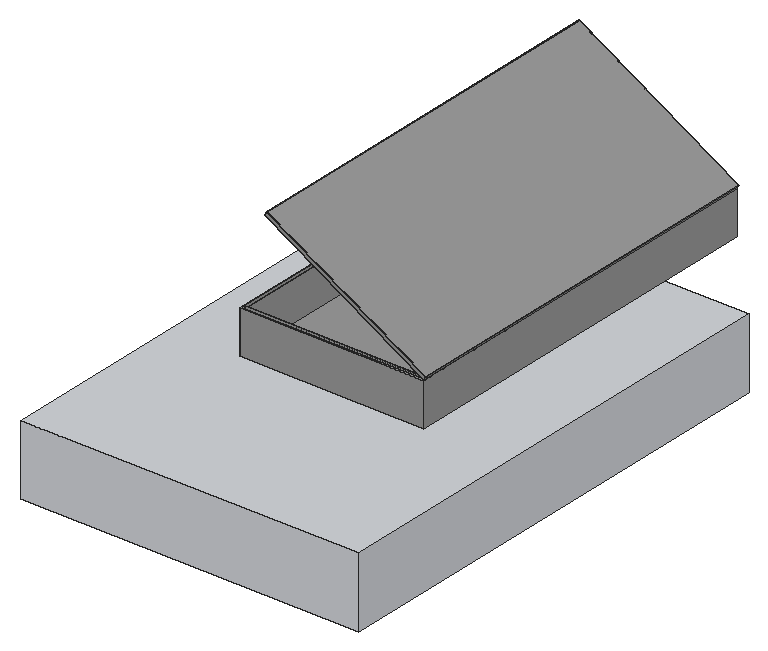
Revit family "Hager-Univers-IP54-D205-H1700-Cl.I-Encl-CH-it", category Equipement électrique, Revit 2020
Family settings
  Hôte = Face
  Configuration du panneau = Deux colonnes, circuits au sein
  Cote de connecteur circulaire = Utiliser le diamètre
  Type d'élément = Tableau de raccordement
  Couper avec des vides une fois chargée = Non
  Partagée = Non
  Point de calcul de pièce = Non
Parameters (values of type "A parete IP54 L800 A1700 P205  - FP13TW2")
  Width Control [instance] = if([EF000008 - Larghezza] > Min Width, [EF000008 - Larghezza], Min Width)  # 800 mm
  Commentaires du type = [HG000003 - Gamma]  # "Univers"
  Thickness Door [instance] = if([EF009171 - spessore materiale porta/coperchio] > 3 mm, 3 mm, [EF009171 - spessore materiale porta/coperchio])  # 1 mm
  Seal Frame Offset [instance] = 17 mm  # constant formula
  Plinth Visibility [instance] = [HG000027 - Altezza dello zoccolo] > 0 mm  # no
  Model = ""
  Min Width [instance] = 100 mm  # constant formula
  Min Height [instance] = 100 mm  # constant formula
  Min Depth [instance] = (2 * [EF009170 - spessore materiale scatola]) + 1 mm  # 3 mm
  Internal Frame Depth [instance] = (Door System Depth * 0.5)  # 9 mm
  Height Control [instance] = if([EF000040 - Altezza] > Min Height, [EF000040 - Altezza], Min Height)  # 1700 mm
  HG000027 - Altezza dello zoccolo = 0 mm
  HG000026 - A pavimento = no
  HG000024 - Altezza della sezione inferiore = 800 mm
  HG000023 - Custodia a doppia sezione = no
  HG000016 - Visibilità delle porte nella vista 3D [instance] = yes
  HG000015 - Visibilità attraverso la porta [instance] = no
  HG000014 - Porta destra [instance] = yes
  HG000013 - Porta sinistra [instance] = not([HG000014 - Porta destra])  # no
  HG000012 - Angolo di apertura della porta [instance] = 30.00°
  HG000010 - Porte asimmetriche = no
  HG000009 - Porta doppia a battente = no
  HG000006 - Ad incasso = no
  HG000004 - Codice produttore = "FP13TW2"
  HG000003 - Gamma = "Univers"
  HG000002 - Con porta = yes
  Frame Offset Bottom [instance] = 10 mm  # constant formula
  Frame Offset [instance] = 15 mm  # constant formula
  EF015940 - Coprire con rilascio di sovrapressione = no
  EF011959 - tipo di protezione (NEMA) = ""
  EF009554 - numero delle aperture per la piastra della flangia = 6
  Fabricant = "Hager"  # constant formula
  EF009212 - esecuzione coperchio = "EV000116 - chiuso"
  EF009171 - spessore materiale porta/coperchio = 1 mm
  EF009170 - spessore materiale scatola = 1 mm
  EF008873 - corrente nominale (In) = 400 A
  EF007800 - adatto per parafulmine = no
  EF006306 - con serratura = no
  EF006244 - coperchio/porta trasparente = no
  EF005474 - grado di protezione (IP) = "EV006419 - IP54"
  EF004464 - tipo di porta = "EV002646 - singolo"
  EF004427 - numero di moduli = 396
  EF004293 - resistenza agli urti = "EV006815 - IK09"
  EF003532 - adatto per uso esterno = no
  EF002950 - Numero moduli DIN = 36
  EF001613 - Integrità del circuito = "EV000494 - senza"
  EF001596 - Attacco Lampada = "EV000179 - acciaio"
  EF001131 - profondità interna = 205 mm
  EF001088 - possibilità di applicazione = yes
  EF000437 - numero di ingressi per conduttori = 6
  EF000339 - tipo di copertura = "EV001012 - coperchio"
  EF000266 - numero di file = 11
  EF000218 - profondità di incasso = 205 mm
  EF000118 - con piastra di montaggio = no
  EF000116 - numero RAL = "9010"
  EF000049 - profondità = 205 mm
  EF000040 - Altezza = 1700 mm
  EF000008 - Larghezza = 800 mm
  EF000007 - colore = "EV000202 - bianco"
  EF000003 - Tipo di montaggio = "EV000384 - A parete"
  Door System Leaf Tolerance [instance] = 1.5 mm  # constant formula
  Door System Depth [instance] = 18 mm  # constant formula
  Door Height [instance] = Height Control - [HG000027 - Altezza dello zoccolo]  # 1700 mm
  Depth Control [instance] = if([EF000049 - profondità] > Min Depth, [EF000049 - profondità], Min Depth)  # 205 mm
  Default Elevation = 0 mm
  Connector Offset [instance] = Height Control / 2  # 850 mm
  Bottom Top Plate Trim [instance] = 1.5 mm  # constant formula
  Plinth height Ctrl [instance] = if([HG000027 - Altezza dello zoccolo] > 0 mm, [HG000027 - Altezza dello zoccolo], 12 mm)  # 12 mm
Types (5, lengths in mm): name | Width Control | HG000009 - Porta doppia a battente | HG000004 - Codice produttore | EF009554 - numero delle aperture per la piastra della flangia | EF008873 - corrente nominale (In) | EF004464 - tipo di porta | EF004427 - numero di moduli | EF002950 - Numero moduli DIN | EF000437 - numero di ingressi per conduttori | EF000008 - Larghezza
  A parete IP54 L1050 A1700 P205  - FP14TW2 | 1050 | yes | "FP14TW2" | 8 | 400 A | "EV003602 - doppio" | 528 | 48 | 8 | 1050
  A parete IP54 L1300 A1700 P205  - FP15TW2 | 1300 | no | "FP15TW2" | 10 | 400 A | "EV003602 - doppio" | 660 | 60 | 10 | 1300
  A parete IP54 L300 A1700 P205  - FP11TW2 | 300 | no | "FP11TW2" | 2 | 250 A | "EV002646 - singolo" | 132 | 12 | 2 | 300
  A parete IP54 L550 A1700 P205  - FP12TW2 | 550 | no | "FP12TW2" | 4 | 250 A | "EV002646 - singolo" | 264 | 24 | 4 | 550
  A parete IP54 L800 A1700 P205  - FP13TW2 | 800 | no | "FP13TW2" | 6 | 400 A | "EV002646 - singolo" | 396 | 36 | 6 | 800
Reference planes
  plane 1 "Center (Front/Back)": y = 0
  plane 2: z = 0
  plane 3 "Center (Left/Right)": x = 0
  plane 4: z = 205
  plane 5: y = 1
  plane 6: y = 850
  plane 7: y = 0
  plane 8: y = 1700
  plane 9: z = 0
  plane 10: x = -385
  plane 11: x = 385
  plane 12: x = 384
  plane 13: x = -384
  plane 14: y = 1699
  plane 15: x = -383
  plane 16: x = -400
  plane 17: x = 383
  plane 18: x = 400
  plane 19: x = 399
  plane 20: x = -399
  plane 21: y = 11
  plane 22: y = 1700
  plane 23: y = 1684
  plane 24: z = 187
  plane 25: z = 1
  plane 26: z = 186
  plane 27: z = 204
Forms (mm)
  Extrusion 1, solid
    sketch origin (0, 0, 0) x (1, 0, 0) y (0, 1, 0)
      loop
        line (-702.964, 1305) -> (-702.964, -811.445) -> (766.763, -811.445) -> (766.763, 1305) -> (-702.964, 1305)
    from 0 to -304.8
  Extrusion 2, solid, material "Hager_Steel_RAL7035_Light_Grey", visible <- "Plinth Visibility", detail levels medium+fine
    sketch origin (0, 0, 0) x (1, 0, 0) y (0, 1, 0)
      loop
        line (-400, 0) -> (400, 0) -> (400, 12) -> (-400, 12) -> (-400, 0)
    from 0 to 187
  Extrusion 3, solid, material "Hager_Steel_RAL7035_Light_Grey", detail levels medium+fine
    sketch origin (0, 0, 0) x (1, 0, 0) y (0, 1, 0)
      loop
        line (-400, 0) -> (400, 0) -> (400, 1700) -> (-400, 1700) -> (-400, 0)
    from 0 to 187
  Extrusion 4, void
    sketch origin (0, 0, 0) x (1, 0, 0) y (0, 1, 0)
      loop
        line (-399, 1) -> (399, 1) -> (399, 1699) -> (-399, 1699) -> (-399, 1)
    from 1 to 186
  Extrusion 5, void
    sketch origin (-381.607, -4572, 187) x (0, -1, 0) y (-1, 0, 0)
      loop
        line (-4583, 2.393) -> (-6256, 2.393) -> (-6256, -765.607) -> (-4583, -765.607) -> (-4583, 2.393)
    from 0 to 1 <- "EF009170 - spessore materiale scatola"
  Extrusion 6, solid, material "Hager_Steel_RAL7035_Light_Grey", detail levels fine
    sketch origin (0, 0, 187) x (1, 0, 0) y (0, 1, 0)
      loop
        line (-384, 1684) -> (-384, 11) -> (384, 11) -> (384, 1684) -> (-384, 1684)
      loop
        line (-385, 10) -> (385, 10) -> (385, 1685) -> (-385, 1685) -> (-385, 10)
    from 0 to 9 <- "Internal Frame Depth"
  Extrusion 7, solid, material "Hager_Steel_RAL7035_Light_Grey", detail levels coarse
    sketch origin (0, 0, 0) x (1, 0, 0) y (0, 1, 0)
      loop
        line (-400, 0) -> (400, 0) -> (400, 1700) -> (-400, 1700) -> (-400, 0)
    from 0 to 205
  Sweep 8, void
    path in 3D
      loop
        line (-400, 12, 0) -> (400, 12, 0) -> (400, 12, 187) -> (-400, 12, 187) -> (-400, 12, 0)
    profile origin (-400, 12, 93.5) x (-1, 0, 0) y (0, -1, 0)
      loop
        line (0, 0) -> (0, 1.5) -> (-1.5, 1.5)
        arc (-1.5, 1.5) -> (-1.061, 0.439) -> (0, 0) r 1.5
Cuts and joins
  Extrusion 4, Extrusion 5 cuts Extrusion 3
  Sweep 8 cuts Extrusion 2
Lines and regions (mm)
  Masking region 1
    outline origin (0, 0, 0) x (1, 0, 0) y (0, 0, 1)
      loop
        line (-400, 205) -> (-400, 0) -> (400, 0) -> (400, 205) -> (-400, 205)
  Masking region 2, detail levels medium+fine
    outline origin (0, 140, 0) x (0, 1, 0) y (0, 0, 1)
      loop
        line (-140, 0) -> (1560, 0) -> (1560, 187) -> (-140, 187) -> (-140, 0)
  Masking region 3, not visible, detail levels medium+fine
    outline origin (0, 297.922, 0) x (0, 1, 0) y (0, 0, 1)
      loop
        line (563.578, 0) -> (603.578, 0) -> (603.578, 194)
        arc (603.578, 194) -> (600.649, 201.071) -> (593.578, 204) r 10
        line (593.578, 204) -> (563.578, 204) -> (563.578, 0)
  Masking region 4, detail levels coarse
    outline origin (0, 0, 180) x (0, 1, 0) y (0, 0, 1)
      loop
        line (0, -180) -> (1700, -180) -> (1700, 25) -> (0, 25) -> (0, -180)
  Masking region 5, visible <- "Plinth Visibility", detail levels medium+fine
    outline origin (0, 52.24, 12.345) x (0, 0, -1) y (0, 1, 0)
      loop
        line (10.845, -40.24) -> (-173.155, -40.24)
        arc (-173.155, -40.24) -> (-173.594, -41.301) -> (-174.655, -41.74) r 1.5
        line (-174.655, -41.74) -> (-174.655, -52.24) -> (12.345, -52.24) -> (12.345, -41.74)
        arc (12.345, -41.74) -> (11.285, -41.301) -> (10.845, -40.24) r 1.5
  Masking region 6, detail levels medium+fine
    outline origin (-381.607, -4572, 187) x (-1, 0, 0) y (0, -1, 0)
      loop
        line (18.393, -6272) -> (18.393, -4572) -> (-781.607, -4572) -> (-781.607, -6272) -> (18.393, -6272)
  Masking region 7, visible <- "Plinth Visibility", detail levels medium+fine
    outline origin (-381.607, -4727, 187) x (-1, 0, 0) y (0, -1, 0)
      loop
        arc (16.893, -4739) -> (17.332, -4737.939) -> (18.393, -4737.5) r 1.5
        line (18.393, -4737.5) -> (18.393, -4727) -> (-781.607, -4727) -> (-781.607, -4737.5)
        arc (-781.607, -4737.5) -> (-780.546, -4737.939) -> (-780.107, -4739) r 1.5
        line (-780.107, -4739) -> (16.893, -4739)
  Masking region 8, detail levels coarse
    outline origin (-442.548, -4669.526, 187) x (-1, 0, 0) y (0, -1, 0)
      loop
        line (-42.548, -6369.526) -> (-42.548, -4669.526) -> (-842.548, -4669.526) -> (-842.548, -6369.526) -> (-42.548, -6369.526)
  sketch lines
    curve 1: line (-400, 12, 187) -> (-400, 12, 0)
    curve 2: line (400, 12, 187) -> (-400, 12, 187)
    curve 3: line (400, 12, 187) -> (400, 12, 0)
    curve 4: line (-400, 12, 0) -> (400, 12, 0)
Dimensions and locks
  "Depth Control": plane 4 to Extrusion 1
  "HG000027 - Altezza dello zoccolo": plane 1 "Center (Front/Back)" to plane 7
  "EF009170 - spessore materiale scatola": plane 5 to plane 7
  locked: connector elem to plane 3 "Center (Left/Right)"
  equal spacing: plane 8, plane 6, plane 7
  locked: connector elem to plane 6
  "EF009170 - spessore materiale scatola": plane 8 to plane 14
  "EF009170 - spessore materiale scatola": plane 10 to plane 13
  "EF009170 - spessore materiale scatola": plane 12 to plane 11
  "Frame Offset": plane 20 to plane 13
  "Frame Offset": plane 12 to plane 19
  "EF009170 - spessore materiale scatola": plane 16 to plane 20
  "EF009170 - spessore materiale scatola": plane 19 to plane 18
  "Seal Frame Offset": plane 16 to plane 15
  "Seal Frame Offset": plane 17 to plane 18
  "Frame Offset Bottom": plane 21 to plane 5
  "Frame Offset": plane 14 to plane 23
  equal spacing: plane 16, plane 3 "Center (Left/Right)", plane 18
  "Width Control": plane 16 to plane 18
  "EF009170 - spessore materiale scatola": plane 4 to plane 27
  "EF009170 - spessore materiale scatola": plane 24 to plane 26
  "EF009170 - spessore materiale scatola": plane 25 to level
  "Door System Depth": plane 4 to plane 24
  "Height Control": plane 1 "Center (Front/Back)" to Extrusion 7 sketch curve
  "Height Control": Masking region 4 sketch curve to plane 1 "Center (Front/Back)"
  "Height Control": plane 1 "Center (Front/Back)" to plane 22
  "Bottom Top Plate Trim": profile plane to Sweep 8 sketch curve
  "Bottom Top Plate Trim": Sweep 8 sketch curve to profile plane
  "Plinth height Ctrl": plane 1 "Center (Front/Back)" to Extrusion 2 sketch curve
  "Plinth height Ctrl": Masking region 5 sketch curve to plane 1 "Center (Front/Back)"
  "Plinth height Ctrl": plane 1 "Center (Front/Back)" to Masking region 7 sketch curve
  "Thickness Door": Extrusion 6 sketch curve to Extrusion 6 sketch curve  (x3)
  "Thickness Door": cut or joined group of Extrusion 3, Extrusion 4, Extrusion 5 to Extrusion 6 sketch curve
  radius of Masking region 3 sketch curve = 10 mm
  "Bottom Top Plate Trim": radius of Masking region 5 sketch curve  (x2)
  "Bottom Top Plate Trim": radius of Sweep 8 sketch curve
  "Bottom Top Plate Trim": radius of Masking region 7 sketch curve  (x2)
  aligned and locked: plane 2 to Extrusion 1
  aligned and locked: level to Extrusion 1
  aligned and locked: level to Masking region 1 sketch curve
  aligned and locked: Masking region 1 sketch curve to plane 18
  aligned and locked: Masking region 1 sketch curve to plane 16
  aligned and locked: plane 7 to Masking region 2 sketch curve
  aligned and locked: level to Masking region 3 sketch curve
  aligned and locked: Masking region 3 sketch curve to plane 27
  aligned and locked: level to Masking region 2 sketch curve
  aligned and locked: plane 1 "Center (Front/Back)" to Extrusion 2 sketch curve
  aligned and locked: Extrusion 3 sketch curve to plane 7
  aligned and locked: plane 16 to Extrusion 3 sketch curve
  aligned and locked: plane 18 to Extrusion 3 sketch curve
  aligned and locked: plane 20 to Extrusion 4 sketch curve
  aligned and locked: plane 19 to Extrusion 4 sketch curve
  aligned and locked: Extrusion 4 sketch curve to plane 5
  aligned and locked: Extrusion 4 to plane 25
  aligned and locked: plane 26 to Extrusion 4
  aligned and locked: plane 24 to Extrusion 3
  aligned and locked: Extrusion 5 sketch curve to plane 21
  aligned and locked: Extrusion 5 sketch curve to plane 13
  aligned and locked: Extrusion 5 sketch curve to plane 12
  aligned and locked: plane 18 to Extrusion 7 sketch curve
  aligned and locked: plane 1 "Center (Front/Back)" to Extrusion 7 sketch curve
  aligned and locked: plane 16 to Extrusion 7 sketch curve
  aligned and locked: plane 4 to Extrusion 7
  aligned and locked: Extrusion 7 to level
  aligned and locked: level to Masking region 4 sketch curve
  aligned and locked: Masking region 4 sketch curve to plane 1 "Center (Front/Back)"
  aligned and locked: Masking region 4 sketch curve to plane 4
  aligned and locked: nested 1 to level
  aligned and locked: nested 1 to plane 16
  aligned and locked: plane 8 to Extrusion 3 sketch curve
  aligned and locked: plane 23 to Extrusion 5 sketch curve
  aligned and locked: plane 14 to Extrusion 4 sketch curve
  aligned and locked: Masking region 2 sketch curve to plane 8
  aligned and locked: level to Masking region 5 sketch curve
  aligned and locked: plane 16 to Extrusion 2 sketch curve
  aligned and locked: plane 18 to Extrusion 2 sketch curve
  aligned and locked: Masking region 5 sketch curve to plane 24
  aligned and locked: Masking region 2 sketch curve to plane 24
  aligned and locked: plane 24 to Extrusion 2
  aligned and locked: profile plane to Sweep 8 sketch curve  (x2)
  aligned and locked: Masking region 6 sketch curve to plane 18
  aligned and locked: Masking region 6 sketch curve to plane 22
  aligned and locked: Masking region 6 sketch curve to plane 16
  aligned and locked: plane 8 to plane 22
  aligned and locked: Masking region 6 sketch curve to plane 7
  aligned and locked: Masking region 7 sketch curve to plane 16
  aligned and locked: Masking region 7 sketch curve to plane 1 "Center (Front/Back)"
  aligned and locked: Masking region 7 sketch curve to plane 18
  aligned and locked: Masking region 8 sketch curve to plane 1 "Center (Front/Back)"
  aligned and locked: Masking region 8 sketch curve to plane 18
  aligned and locked: Masking region 8 sketch curve to plane 22
  aligned and locked: Masking region 8 sketch curve to plane 16
  aligned and locked: nested 2 to plane 7
  aligned and locked: plane 3 "Center (Left/Right)" to nested 2
  aligned and locked: nested 2 to plane 24
  aligned and locked: Extrusion 6 sketch curve to cut or joined group of Extrusion 3, Extrusion 4, Extrusion 5  (x4)
Automatic sketch dimensions
  Extrusion 1 sketch curve to Extrusion 1 sketch curve = 1469.727 mm
  Extrusion 1 sketch curve to Extrusion 1 sketch curve = 2116.445 mm
  Masking region 1 sketch curve to plane 4 = 0 mm
  plane 6 to Masking region 3 sketch curve = 11.5 mm
  Masking region 3 sketch curve to Masking region 3 sketch curve = 30 mm
  Masking region 5 sketch curve to plane 1 "Center (Front/Back)" = 0 mm
Nested families
  nested 1: "Hager_Enclosure_Symbol" at (-400, 0, 0) x (1, 0, 0) z (0, -1, 0), Height <- "Depth Control", Width <- "Width Control", type "Hager_Enclosure_Symbol"
    with Width_Ctrl 800 mm, Width 800 mm, Height_Ctrl 205 mm, Height 205 mm, A_Width_Int 13.453 mm, A_Width 161.438 mm, A_Height_Ctrl 179.375 mm, A_Height 179.375 mm
  nested 2: "EC000058_Univers_Door" at (0, 0, 187) x (1, 0, 0) z (0, 1, 0), Leaf_Tolerance <- "Door System Leaf Tolerance", Angle <- "HG000012 - Angolo di apertura della porta", Door_Depth <- "Door System Depth", Door_Left <- "HG000013 - Porta sinistra", Transparent <- "EF006244 - coperchio/porta trasparente", Assymetrical <- "HG000010 - Porte asimmetriche", Width <- "Width Control", Clearance <- "HG000015 - Visibilità attraverso la porta", Double <- "HG000009 - Porta doppia a battente", 3d_Door <- "HG000016 - Visibilità delle porte nella vista 3D", Lock_Visibility <- "EF006306 - con serratura", Width_Ctrl <- "Width Control", Door_Right <- "HG000014 - Porta destra", Door <- "HG000002 - Con porta", Height <- "Door Height", Thickness <- "Thickness Door", type "EC000058_Univers_Door", detail levels medium+fine
    with min_wh 3 mm, Width_Ctrl 800 mm, Width 800 mm, Transparent no, Thickness 1 mm, Seal_Material Hager_Rubber, Lock_Visibility no, Lock_Material Hager_Plastic_RAL9005_Jet_Black, Leaf_Width 800 mm, Leaf_Tolerance_External_Sides 0 mm, Leaf_Tolerance 1.5 mm, Leaf_Offset 0 mm, Leaf_Height 1697 mm, Leaf_2_Width 800 mm, Leaf_2_Offset 400 mm, Leaf_1_Width 800 mm, Leaf_1_Offset 400 mm, Height_Ctrl 1700 mm, Height 1700 mm, Glass_Material Hager_Glass, Double_Clearance_Ctrl no, Double no, Door_Right_Ctrl yes, Door_Right yes, Door_Material Hager_Steel_RAL7035_Light_Grey, Door_Left_Ctrl no, Door_Left no, Door_Depth 18 mm, Door yes, Clearance_Material Hager_Clearance, Clearance_Depth 800 mm, Clearance_Ctrl no, Clearance no, Assymetrical no, Angle 30.00°, 3d_Door yes
Connectors
  electrical at (0, 850, 0)
    settings: on plane 9, index 1, voltage 0 V, apparent load 0 VA, apparent load phase1 0 VA, apparent load phase2 0 VA, apparent load phase3 0 VA, power factor 1, load classification "Other", number of poles 1, system type 30, power factor state 1, is connector primary yes, connector utility no, sub classification motor no, connector description ""
Definition of nested family "EC000058_Univers_Door"
  Parameters (values of type "EC000058_Univers_Door")
    min_wh [instance] = (2 * Thickness) + 1 mm  # 11 mm
    Width_Ctrl [instance] = 400 mm
    Width [instance] = 500 mm
    Transparent [instance] = yes
    Thickness [instance] = 5 mm
    Seal_Material [instance] = none
    Lock_Visibility [instance] = yes
    Lock_Material [instance] = none
    Leaf_Width [instance] = if((Width_Ctrl - 2 * Leaf_Tolerance_External_Sides) > 0 mm, (Width_Ctrl - 2 * Leaf_Tolerance_External_Sides), min_wh)  # 400 mm
    Leaf_Tolerance_External_Sides [instance] = 0 mm  # constant formula
    Leaf_Tolerance [instance] = 1.5 mm
    Leaf_Offset [instance] = 0 mm  # constant formula
    Leaf_Height [instance] = if((Height_Ctrl - 2 * Leaf_Tolerance) > 0 mm, (Height_Ctrl - 2 * Leaf_Tolerance), min_wh)  # 497 mm
    Leaf_2_Width [instance] = if(and(and(Double, Assymetrical), Door_Left), (Leaf_Width / 3) - (Leaf_Tolerance / 2), if(and(and(Double, Assymetrical), Door_Right), (Leaf_Width / 3) * 2 - (Leaf_Tolerance / 2), if(and(Double, not(Assymetrical)), (Leaf_Width / 2) - Leaf_Tolerance, Leaf_Width)))  # 400 mm
    Leaf_2_Offset [instance] = if(and(Double, Assymetrical), Leaf_2_Width / 2, if(and(Double, not(Assymetrical)), Leaf_Width / 4, Leaf_Width / 2))  # 200 mm
    Leaf_1_Width [instance] = if(and(and(Double, Assymetrical), Door_Right), (Leaf_Width / 3) - (Leaf_Tolerance / 2), if(and(and(Double, Assymetrical), Door_Left), (Width / 3) * 2 - (Leaf_Tolerance / 2), if(and(Double, not(Assymetrical)), (Leaf_Width / 2) - Leaf_Tolerance, Leaf_Width)))  # 400 mm
    Leaf_1_Offset [instance] = if(and(Double, Assymetrical), Leaf_1_Width / 2, if(and(Double, not(Assymetrical)), Leaf_Width / 4, Leaf_Width / 2))  # 200 mm
    Height_Ctrl [instance] = if(Height > min_wh, Height, min_wh)  # 500 mm
    Height [instance] = 500 mm
    Glass_Material [instance] = none
    Double_Clearance_Ctrl [instance] = and(Double, Clearance)  # no
    Double [instance] = no
    Door_Right_Ctrl [instance] = and(or(Door_Right, Double), Door)  # yes
    Door_Right [instance] = yes
    Door_Material [instance] = none
    Door_Left_Ctrl [instance] = and(or(Door_Left, Double), Door)  # no
    Door_Left [instance] = no
    Door_Depth [instance] = 30 mm
    Door [instance] = yes
    Default Elevation = 1219.2 mm
    Clearance_Material [instance] = none
    Clearance_Depth [instance] = if(Leaf_1_Width > Leaf_2_Width, Leaf_1_Width, Leaf_2_Width)  # 400 mm
    Clearance_Ctrl [instance] = and(not(Double), Clearance)  # yes
    Clearance [instance] = yes
    Assymetrical [instance] = yes
    Angle [instance] = 30.00°
    3d_Door [instance] = yes
  Reference planes
    plane 1 "Center (Front/Back)": y = 0
    plane 2 "Bottom": z = 0
    plane 3 "Center (Left/Right)": x = 0
    plane 4: z = 500
    plane 5: x = -200
    plane 6: x = 200
    plane 7: z = 500
    plane 8: x = -200
    plane 9: z = 0
    plane 10: x = 200
    plane 11: y = 0
    plane 12: z = 1.5
    plane 13: x = -600
    plane 14: y = -400
    plane 15: x = 600
    plane 16: x = 0
    plane 17: x = 0
    plane 18: x = -200
    plane 19: x = 200
    plane 20: z = 498.5
  Forms (mm)
    Extrusion 1, solid, material <- "Clearance_Material", visible <- "Double_Clearance_Ctrl"
      sketch origin (1200, 0, 0) x (1, 0, 0) y (0, 0, -1)
        loop
          line (-1800, -498.5) -> (-600, -498.5) -> (-600, 0) -> (-1800, 0) -> (-1800, -498.5)
      from 0 to -400
  Dimensions and locks
    equal spacing: plane 5, plane 3 "Center (Left/Right)", plane 6
    "Width_Ctrl": plane 5 to plane 6
    "Leaf_Offset": plane 5 to plane 8
    "Leaf_Offset": plane 6 to plane 10
    "Leaf_Offset": plane 9 to level
    "Leaf_Offset": plane 4 to plane 7
    "Height_Ctrl": plane 4 to level
    "Leaf_Tolerance": plane 12 to plane 9
    locked: plane 11 to plane 1 "Center (Front/Back)"
    "Leaf_1_Offset": plane 18 to plane 16
    "Leaf_2_Offset": plane 17 to plane 19
    "Leaf_1_Width": plane 13 to plane 8
    "Leaf_2_Width": plane 10 to plane 15
    "Clearance_Depth": plane 14 to plane 1 "Center (Front/Back)"
    "Leaf_Tolerance_External_Sides": plane 8 to plane 18
    "Leaf_Tolerance_External_Sides": plane 19 to plane 10
    "Leaf_Tolerance": plane 7 to plane 20
    aligned and locked: level to plane 2 "Bottom"
    aligned and locked: nested 1 to plane 16
    aligned and locked: nested 2 to plane 17
    aligned and locked: Extrusion 1 to plane 13
    aligned and locked: plane 15 to Extrusion 1
    aligned and locked: Extrusion 1 to plane 14
    aligned and locked: plane 12 to nested 1
    aligned and locked: nested 2 to plane 12
    aligned and locked: Extrusion 1 to plane 11
    aligned and locked: plane 20 to Extrusion 1
    aligned and locked: nested 2 to plane 11
    aligned and locked: nested 1 to plane 11
  Automatic sketch dimensions
    Extrusion 1 sketch curve to level = 0 mm
    plane 5 to Extrusion 1 sketch curve = 400 mm
    plane 6 to Extrusion 1 sketch curve = 400 mm
    Extrusion 1 sketch curve to plane 4 = 1.5 mm
  Nested families
    nested 1: "EC000058_Univers_Door_Leaf" at (0, 0, 1.5), Width <- "Leaf_1_Width", visible <- "Door_Left_Ctrl", Leaf_Height <- "Leaf_Height", Angle <- "Angle", 3d_Door <- "3d_Door", Transparent <- "Transparent", Clearance Material <- "Clearance_Material", Clearance <- "Clearance_Ctrl", Door_Material <- "Door_Material", Glass_Material <- "Glass_Material", Door_Depth <- "Door_Depth", Lock_Material <- "Lock_Material", Seal_Material <- "Seal_Material", Lock_Visibility <- "Lock_Visibility", Thickness <- "Thickness", type "EC000058_Univers_Door_Leaf"
      with Width 400 mm, Transparent_Glass_Offset 30 mm, Transparent_Ctrl yes, Transparent yes, Thickness 5 mm, Standard no, Seal_Material none, Seal_D2 8 mm, Seal_D1 1 mm, Offset_Internal_Frame 10 mm, Lock_Width 20 mm, Lock_Visibility_3d yes, Lock_Visibility yes, Lock_Thickness_3 3 mm, Lock_Thickness_2 1 mm, Lock_Thickness_1 3 mm, Lock_Radius_Offset_2 16 mm, Lock_Radius_Offset_1 15 mm, Lock_Radius_2 5 mm, Lock_Radius 6 mm, Lock_Offset 5 mm, Lock_Material none, Lock_Height 80 mm, Lock_Cover_Top_Offset_2d 17 mm, Lock_Cover_Height -65 mm, Leaf_Height 497 mm, Internal_Seal_Thickness 8 mm, Internal_Seal_Depth_2 4.5 mm, Internal_Frame_Depth 25 mm, Glass_Thickness -1 mm, Glass_Offset -2 mm, Glass_Material none, Door_Material none, Door_Depth 30 mm, Clearance Material none, Clearance yes, Angle_Ctrl 30.00°, Angle 30.00°, 3d_Door yes
    nested 2: "EC000058_Univers_Door_Leaf" at (0, 0, 1.5) x (-1, 0, 0) z (0, 0, 1), Width <- "Leaf_2_Width", visible <- "Door_Right_Ctrl", Leaf_Height <- "Leaf_Height", Angle <- "Angle", 3d_Door <- "3d_Door", Transparent <- "Transparent", Clearance Material <- "Clearance_Material", Clearance <- "Clearance_Ctrl", Door_Material <- "Door_Material", Glass_Material <- "Glass_Material", Door_Depth <- "Door_Depth", Lock_Material <- "Lock_Material", Seal_Material <- "Seal_Material", Lock_Visibility <- "Lock_Visibility", Thickness <- "Thickness", type "EC000058_Univers_Door_Leaf"
      with Width 400 mm, Transparent_Glass_Offset 30 mm, Transparent_Ctrl yes, Transparent yes, Thickness 5 mm, Standard no, Seal_Material none, Seal_D2 8 mm, Seal_D1 1 mm, Offset_Internal_Frame 10 mm, Lock_Width 20 mm, Lock_Visibility_3d yes, Lock_Visibility yes, Lock_Thickness_3 3 mm, Lock_Thickness_2 1 mm, Lock_Thickness_1 3 mm, Lock_Radius_Offset_2 16 mm, Lock_Radius_Offset_1 15 mm, Lock_Radius_2 5 mm, Lock_Radius 6 mm, Lock_Offset 5 mm, Lock_Material none, Lock_Height 80 mm, Lock_Cover_Top_Offset_2d 17 mm, Lock_Cover_Height -65 mm, Leaf_Height 497 mm, Internal_Seal_Thickness 8 mm, Internal_Seal_Depth_2 4.5 mm, Internal_Frame_Depth 25 mm, Glass_Thickness -1 mm, Glass_Offset -2 mm, Glass_Material none, Door_Material none, Door_Depth 30 mm, Clearance Material none, Clearance yes, Angle_Ctrl 30.00°, Angle 30.00°, 3d_Door yes
  Definition of nested family "EC000058_Univers_Door_Leaf"
    Parameters (values of type "EC000058_Univers_Door_Leaf")
      Width [instance] = 2000 mm
      Transparent_Glass_Offset [instance] = 30 mm
      Transparent_Ctrl [instance] = and(Transparent, [3d_Door])  # yes
      Transparent [instance] = yes
      Thickness [instance] = 5 mm
      Standard [instance] = and(not(Transparent), [3d_Door])  # no
      Seal_Material [instance] = none
      Seal_D2 [instance] = 8 mm  # constant formula
      Seal_D1 [instance] = 1 mm  # constant formula
      Offset_Internal_Frame [instance] = 10 mm  # constant formula
      Lock_Width [instance] = 20 mm  # constant formula
      Lock_Visibility_3d [instance] = and(Lock_Visibility, [3d_Door])  # yes
      Lock_Visibility [instance] = yes
      Lock_Thickness_3 [instance] = 3 mm  # constant formula
      Lock_Thickness_2 [instance] = 1 mm  # constant formula
      Lock_Thickness_1 [instance] = 3 mm  # constant formula
      Lock_Radius_Offset_2 [instance] = Lock_Radius_Offset_1 + 1 mm  # 16 mm
      Lock_Radius_Offset_1 [instance] = 15 mm  # constant formula
      Lock_Radius_2 [instance] = Lock_Radius - 1 mm  # 5 mm
      Lock_Radius [instance] = 6 mm  # constant formula
      Lock_Offset [instance] = 5 mm  # constant formula
      Lock_Material [instance] = none
      Lock_Height [instance] = 80 mm  # constant formula
      Lock_Cover_Top_Offset_2d [instance] = Lock_Radius_Offset_2 + 1 mm  # 17 mm
      Lock_Cover_Height [instance] = -(Lock_Height - Lock_Radius_Offset_1)  # -65 mm
      Leaf_Height [instance] = 2720.336 mm
      Internal_Seal_Thickness [instance] = 8 mm  # constant formula
      Internal_Seal_Depth_2 [instance] = 4.5 mm  # constant formula
      Internal_Frame_Depth [instance] = if(Door_Depth - Thickness > 5 mm, Door_Depth - Thickness, 5 mm)  # 25 mm
      Glass_Thickness [instance] = if(Thickness > 15 mm, Glass_Offset + 10 mm, -1 mm)  # -1 mm
      Glass_Offset [instance] = if(Thickness > 15 mm, -(Thickness + 10 mm) / 2, -2 mm)  # -2 mm
      Glass_Material [instance] = none
      Door_Material [instance] = none
      Door_Depth [instance] = 30 mm
      Default Elevation = 0 mm
      Clearance Material [instance] = none
      Clearance [instance] = yes
      Angle_Ctrl [instance] = if(Angle > 180.00°, 180.00°, Angle)  # 90.00°
      Angle [instance] = 90.00°
      3d_Door [instance] = yes
    Reference planes
      plane 1 "Center (Front/Back)": y = 0
      plane 2: z = 0
      plane 3 "Center (Left/Right)": x = 0
      plane 4: y = 2000
      plane 5: x = -1000
      plane 6: x = 1000
      plane 7: x = -3000
      plane 8: z = 2720.336
      plane 9: z = 30
      plane 10: z = 2690.336
      plane 11: x = 970
      plane 12: x = -970
      plane 13: y = -3
      plane 14: z = 107.833
      plane 15: y = -5
      plane 16: y = -223.314
      plane 17: x = -1000
      plane 18: z = 1360.168
      plane 19: y = 30
    Forms (mm)
      Extrusion 1, solid, material <- "Clearance Material", visible <- "Clearance"
        sketch origin (0, 0, 0) x (1, 0, 0) y (0, 0, 1)
          loop
            line (-3000, 2720.336) -> (-3000, 0) -> (1000, 0) -> (1000, 2720.336) -> (-3000, 2720.336)
        from 0 to -2000
      Extrusion 2, solid, material <- "Door_Material", visible <- "Standard", detail levels medium+fine
        sketch origin (-1000, 0, 0) x (0, 1, 0) y (-1, 0, 0)
          loop
            line (0, 30) -> (0, 25) -> (2000, 25) -> (2000, 30) -> (0, 30)
        from 0 to 2720.336 <- "Leaf_Height"
      Extrusion 3, solid, material <- "Door_Material", visible <- "Transparent_Ctrl", detail levels medium+fine
        sketch origin (-1000, 0, 0) x (0, 1, 0) y (-1, 0, 0)
          loop
            line (0, 25) -> (2000, 25) -> (2000, 30) -> (0, 30) -> (0, 25)
        from 0 to 2720.336 <- "Leaf_Height"
      Extrusion 4, void
        sketch origin (-1025, 2000, 0) x (0, 1, 0) y (0, 0, -1)
          loop
            line (-30, -2690.336) -> (-30, -30) -> (-1970, -30) -> (-1970, -2690.336) -> (-30, -2690.336)
        from 0 to 5 <- "Thickness"
      Sweep 5, solid, material <- "Seal_Material", visible <- "Transparent_Ctrl", detail levels fine
        path in 3D
          loop
            line (-1025, 30, 30) -> (-1025, 30, 2690.336) -> (-1025, 1970, 2690.336) -> (-1025, 1970, 30) -> (-1025, 30, 30)
        profile origin (-1025, 1000, 30) x (1, 0, 0) y (0, 0, 1)
          loop
            line (0, 0) -> (0, -8) -> (1, -8) -> (1, 0) -> (0, 0)
      Extrusion 6, solid, material <- "Glass_Material", visible <- "Transparent_Ctrl", detail levels medium+fine
        sketch origin (-1030, 0, 0) x (0, 1, 0) y (0, 0, -1)
          loop
            line (1970, -2690.336) -> (1970, -30) -> (30, -30) -> (30, -2690.336) -> (1970, -2690.336)
        from -2 <- "Glass_Offset" to -1 <- "Glass_Thickness"
      Extrusion 7, solid, material <- "Door_Material", visible <- "3d_Door", detail levels medium+fine
        sketch origin (-1025, 2000, 0) x (0, -1, 0) y (0, 0, -1)
          loop
            line (0, -2720.336) -> (2000, -2720.336) -> (2000, 0) -> (0, 0) -> (0, -2720.336)
          loop
            line (1995, -5) -> (5, -5) -> (5, -2715.336) -> (1995, -2715.336) -> (1995, -5)
        from 0 to 25 <- "Internal_Frame_Depth"
      Sweep 8, solid, material <- "Seal_Material", visible <- "Transparent_Ctrl", detail levels fine
        path in 3D
          loop
            line (-1025, 0, 0) -> (-1025, 2000, 0) -> (-1025, 2000, 2720.336) -> (-1025, 0, 2720.336) -> (-1025, 0, 0)
        profile origin (-1025, 0, 1360.168) x (1, 0, 0) y (0, 1, 0)
          loop
            line (0, 10) -> (2.975, 10)
            arc (2.975, 10) -> (4.053, 10.447) -> (4.5, 11.525) r 1.525
            line (4.5, 11.525) -> (4.5, 16.527)
            arc (4.5, 16.527) -> (4.069, 17.569) -> (3.027, 18) r 1.473
            line (3.027, 18) -> (0, 18) -> (0, 10)
      Extrusion 9, solid, material <- "Lock_Material", visible <- "Lock_Visibility_3d", detail levels fine
        sketch origin (-1030, 0, 0) x (0, 1, 0) y (0, 0, -1)
          loop
            arc (1993.5, -1400.168) -> (1994.561, -1399.729) -> (1995, -1398.668) r 1.5
            line (1995, -1398.668) -> (1995, -1320.168) -> (1975, -1320.168) -> (1975, -1398.668)
            arc (1975, -1398.668) -> (1975.439, -1399.729) -> (1976.5, -1400.168) r 1.5
            line (1976.5, -1400.168) -> (1993.5, -1400.168)
        from 3 <- "Lock_Thickness_1" to 0
      Blend 10, solid, material <- "Lock_Material", visible <- "Lock_Visibility_3d", detail levels fine
        base sketch origin (-1033, 0, 0) x (0, 1, 0) y (0, 0, -1)
          loop
            line (1975, -1320.168) -> (1975, -1398.668)
            arc (1975, -1398.668) -> (1975.439, -1399.729) -> (1976.5, -1400.168) r 1.5
            line (1976.5, -1400.168) -> (1993.5, -1400.168)
            arc (1993.5, -1400.168) -> (1994.561, -1399.729) -> (1995, -1398.668) r 1.5
            line (1995, -1398.668) -> (1995, -1320.168) -> (1975, -1320.168)
        top sketch origin (-1033, 0, 0) x (0, 1, 0) y (0, 0, -1)
          loop
            line (1976, -1320.168) -> (1976, -1398.668)
            arc (1976, -1398.668) -> (1976.146, -1399.022) -> (1976.5, -1399.168) r 0.5
            line (1976.5, -1399.168) -> (1993.5, -1399.168)
            arc (1993.5, -1399.168) -> (1993.854, -1399.022) -> (1994, -1398.668) r 0.5
            line (1994, -1398.668) -> (1994, -1320.168) -> (1976, -1320.168)
        from 0 to 1 <- "Lock_Thickness_2"
      Blend 11, solid, material <- "Lock_Material", visible <- "Lock_Visibility_3d", detail levels fine
        base sketch origin (-1034, 0, 0) x (0, 1, 0) y (0, 0, -1)
          loop
            line (1978, -1320.168) -> (1978, -1384.168)
            arc (1978, -1384.168) -> (1985, -1391.168) -> (1992, -1384.168) r 7
            line (1992, -1384.168) -> (1992, -1320.168) -> (1978, -1320.168)
        top sketch origin (-1034, 0, 0) x (0, 1, 0) y (0, 0, -1)
          loop
            line (1991, -1320.168) -> (1979, -1320.168) -> (1979, -1383.168)
            arc (1979, -1383.168) -> (1985, -1389.168) -> (1991, -1383.168) r 6
            line (1991, -1383.168) -> (1991, -1320.168)
        from 0 to 3 <- "Lock_Thickness_3"
      Extrusion 12, solid, material <- "Lock_Material", visible <- "Lock_Visibility_3d", detail levels fine
        sketch origin (-1030, 1975, 1320.168) x (1, 0, 0) y (0, -1, 0)
          loop
            line (-7, -19) -> (-7, -1) -> (0, -1) -> (0, 0) -> (-8, 0) -> (-8, -20) -> (0, -20) -> (0, -19) -> (-7, -19)
        from 0 to -65 <- "Lock_Cover_Height"
      Extrusion 13, void
        sketch origin (-1038, 1995, 1320.168) x (-1, 0, 0) y (0, 0, -1)
          loop
            line (-5, -65) -> (0, -65) -> (-5, -60) -> (-5, -65)
        from 0 to 20 <- "Lock_Width"
      Extrusion 14, void
        sketch origin (-1038, 1975, 1320.168) x (0, -1, 0) y (0, 0, -1)
          loop
            circle (-10, -15.995) r 6
          loop
            circle (-10, -15.995) r 5
        from 0 to 2
      Extrusion 15, solid, material <- "Lock_Material", visible <- "Lock_Visibility_3d", detail levels medium
        sketch origin (-1030, 0, 0) x (0, 1, 0) y (0, 0, -1)
          loop
            arc (1993.5, -1400.168) -> (1994.561, -1399.729) -> (1995, -1398.668) r 1.5
            line (1995, -1398.668) -> (1995, -1320.168) -> (1975, -1320.168) -> (1975, -1398.668)
            arc (1975, -1398.668) -> (1975.439, -1399.729) -> (1976.5, -1400.168) r 1.5
            line (1976.5, -1400.168) -> (1993.5, -1400.168)
        from 8 to 0
    Cuts and joins
      Extrusion 4 cuts Extrusion 3
      Extrusion 13, Extrusion 14 cuts Extrusion 9
      Extrusion 14 cuts Blend 11
      Extrusion 13, Extrusion 14 cuts Extrusion 12
      joined: Extrusion 9, Blend 10, Blend 11, Extrusion 12
      Extrusion 14 cuts Extrusion 15
    Lines and regions (mm)
      Masking region 1, visible <- "Lock_Visibility", detail levels fine
        outline origin (0, 0, 0) x (0, 1, 0) y (0, 0, 1)
          loop
            line (30, 1320.168) -> (33, 1320.168) -> (33, 1400.168) -> (30, 1400.168) -> (30, 1320.168)
      Masking region 2, visible <- "Lock_Visibility", detail levels fine
        outline origin (0, 3.143, 0) x (0, 1, 0) y (0, 0, 1)
          loop
            line (29.857, 1354.168) -> (30.857, 1354.168) -> (30.857, 1366.168) -> (29.857, 1366.168) -> (29.857, 1354.168)
      Masking region 3, detail levels medium+fine
        outline origin (0, 0, 0) x (0, 1, 0) y (0, 0, 1)
          loop
            line (0, 0) -> (30, 0) -> (30, 2720.336) -> (0, 2720.336) -> (0, 0)
      Masking region 4, detail levels medium+fine
        outline origin (0, 0, 0) x (1, 0, 0) y (0, 0, 1)
          loop
            line (-1000, 2720.336) -> (-1000, 0) -> (1000, 0) -> (1000, 2720.336) -> (-1000, 2720.336)
      Masking region 5, visible <- "Lock_Visibility", detail levels fine
        outline origin (-47.116, 0, 0) x (1, 0, 0) y (0, 0, 1)
          loop
            arc (1024.616, 1399.168) -> (1023.556, 1398.729) -> (1023.116, 1397.668) r 1.5
            line (1023.116, 1397.668) -> (1023.116, 1320.168) -> (1041.116, 1320.168) -> (1041.116, 1397.668)
            arc (1041.116, 1397.668) -> (1040.677, 1398.729) -> (1039.616, 1399.168) r 1.5
            line (1039.616, 1399.168) -> (1024.616, 1399.168)
      Masking region 6, visible <- "Lock_Visibility", detail levels medium+fine
        outline origin (-25, 0, 0) x (1, 0, 0) y (0, 0, 1)
          loop
            arc (1001.5, 1400.168) -> (1000.439, 1399.729) -> (1000, 1398.668) r 1.5
            line (1000, 1398.668) -> (1000, 1320.168) -> (1020, 1320.168) -> (1020, 1398.668)
            arc (1020, 1398.668) -> (1019.561, 1399.729) -> (1018.5, 1400.168) r 1.5
            line (1018.5, 1400.168) -> (1001.5, 1400.168)
      Masking region 7, visible <- "Lock_Visibility", detail levels fine
        outline origin (-73.735, 0, 0) x (1, 0, 0) y (0, 0, 1)
          loop
            line (1051.735, 1382.168) -> (1065.735, 1382.168) -> (1065.735, 1384.168)
            arc (1065.735, 1384.168) -> (1058.735, 1391.168) -> (1051.735, 1384.168) r 7
            line (1051.735, 1384.168) -> (1051.735, 1382.168)
      Masking region 8, visible <- "Lock_Visibility", detail levels fine
        outline origin (-73.735, 0, 0) x (1, 0, 0) y (0, 0, 1)
          loop
            line (1052.735, 1382.168) -> (1064.735, 1382.168) -> (1064.735, 1383.168)
            arc (1064.735, 1383.168) -> (1058.735, 1389.168) -> (1052.735, 1383.168) r 6
            line (1052.735, 1383.168) -> (1052.735, 1382.168)
      Masking region 9, visible <- "Lock_Visibility", detail levels fine
        outline origin (-25, 0, 0) x (1, 0, 0) y (0, 0, 1)
          loop
            line (1020, 1320.168) -> (1020, 1382.168) -> (1000, 1382.168) -> (1000, 1320.168) -> (1020, 1320.168)
      Masking region 10, detail levels medium+fine
        outline origin (0, 0, 0) x (1, 0, 0) y (0, 0, 1)
          loop
            circle (985, 1335.144) r 6
      Masking region 11, detail levels fine
        outline origin (0, 0, 0) x (1, 0, 0) y (0, 0, 1)
          loop
            circle (985, 1335.144) r 5
      Masking region 12, visible <- "Lock_Visibility", detail levels fine
        outline origin (0, 12.767, 0) x (0, 1, 0) y (0, 0, 1)
          loop
            line (20.233, 1320.168) -> (21.233, 1320.168) -> (21.233, 1399.168) -> (20.233, 1400.168) -> (20.233, 1320.168)
      Masking region 13, visible <- "Lock_Visibility", detail levels fine
        outline origin (0, 13.767, -10) x (0, 1, 0) y (0, 0, 1)
          loop
            line (20.233, 1330.168) -> (23.233, 1330.168) -> (23.233, 1399.168) -> (20.233, 1402.168) -> (20.233, 1330.168)
      Masking region 14, visible <- "Lock_Visibility", detail levels fine
        outline origin (0, 12.767, -10) x (0, 1, 0) y (0, 0, 1)
          loop
            line (20.233, 1330.168) -> (25.233, 1330.168) -> (25.233, 1399.305) -> (20.233, 1394.305) -> (20.233, 1330.168)
      Masking region 15, visible <- "Lock_Visibility", detail levels medium
        outline origin (0, 0, 0) x (0, 1, 0) y (0, 0, 1)
          loop
            line (30, 1320.168) -> (38, 1320.168) -> (38, 1400.168) -> (30, 1400.168) -> (30, 1320.168)
      Masking region 16, visible <- "Lock_Visibility", detail levels fine
        outline origin (-1000, 0, 0) x (0, 1, 0) y (-1, 0, 0)
          loop
            line (1975, 30) -> (1995, 30) -> (1995, 38) -> (1975, 38) -> (1975, 30)
          loop
            line (1979, 37) -> (1976, 37) -> (1976, 34) -> (1978, 34) -> (1979, 37)
          loop
            line (1994, 37) -> (1991, 37) -> (1992, 34) -> (1994, 34) -> (1994, 37)
      Masking region 17, visible <- "Lock_Visibility", detail levels medium
        outline origin (-1000, 0, 0) x (0, 1, 0) y (-1, 0, 0)
          loop
            line (1975, 30) -> (1995, 30) -> (1995, 38) -> (1975, 38) -> (1975, 30)
      symbolic lines
        curve 1: line (1000, 0, 0) -> (-3000, 0, 0)
        curve 2: arc (1000, 0, 0) -> (-1000, 2000, 0) -> (-3000, 0, 0) r 2000
        curve 4: line (-1030, 0, 0) -> (-1030, 2000, 0)
      reference lines
        curve 3: line (-1000, 0, 0) -> (-1000, 2000, 0)
      symbolic lines, detail levels medium+fine
        curve 5: line (-1030, 2000, 0) -> (-1025, 2000, 0)
        curve 7: line (-1025, 0, 0) -> (-1030, 0, 0)
        curve 8: line (-1025, 0, 0) -> (-1000, 0, 0)
        curve 9: line (-1000, 0, 0) -> (-1000, 2000, 0)
        curve 10: line (-1000, 2000, 0) -> (-1025, 2000, 0)
      symbolic lines, detail levels fine
        curve 6: line (-1025, 2000, 0) -> (-1025, 0, 0)
      sketch lines
        curve 11: line (-1025, 0, 2720.336) -> (-1025, 0, 0)
        curve 12: line (-1025, 2000, 0) -> (-1025, 0, 0)
        curve 13: line (-1025, 2000, 2720.336) -> (-1025, 2000, 0)
        curve 14: line (-1025, 0, 2720.336) -> (-1025, 2000, 2720.336)
        curve 15: line (-1025, 1970, 30) -> (-1025, 30, 30)
        curve 16: line (-1025, 30, 30) -> (-1025, 30, 2690.336)
        curve 17: line (-1025, 1970, 2690.336) -> (-1025, 1970, 30)
        curve 18: line (-1025, 30, 2690.336) -> (-1025, 1970, 2690.336)
      symbolic lines, visible <- "Transparent", detail levels medium+fine
        curve 19: line (-970, 0, 2690.336) -> (970, 0, 2690.336)
        curve 20: line (-970, 0, 30) -> (-970, 0, 2690.336)
        curve 21: line (970, 0, 30) -> (-970, 0, 30)
        curve 22: line (970, 0, 2690.336) -> (970, 0, 30)
    Dimensions and locks
      "Width": plane 1 "Center (Front/Back)" to plane 4
      equal spacing: plane 5, plane 3 "Center (Left/Right)", plane 6
      "Width": plane 5 to plane 6
      "Width": plane 7 to plane 5
      "Leaf_Height": plane 8 to level
      "Width": curve 5 to curve 3
      "Width": curve 3 to curve 3
      plane 8 to plane 10 = 30 mm
      plane 9 to level = 30 mm
      plane 12 to plane 5 = 30 mm
      plane 6 to plane 11 = 30 mm
      Extrusion 1 to Extrusion 4 sketch curve = 30 mm
      "Transparent_Glass_Offset": curve 3 to Extrusion 4 sketch curve
      "Transparent_Glass_Offset": Extrusion 4 sketch curve to cut or joined group of Extrusion 3, Extrusion 4  (x2)
      cut or joined group of Extrusion 3, Extrusion 4 to Extrusion 6 sketch curve = 30 mm
      "Transparent_Glass_Offset": cut or joined group of Extrusion 3, Extrusion 4 to Extrusion 4 sketch curve
      "Thickness": curve 6 to curve 4
      "Thickness": Extrusion 7 sketch curve to Extrusion 7 sketch curve  (x4)
      "Door_Depth": curve 4 to curve 3
      "Offset_Internal_Frame": profile plane to Sweep 8 sketch curve
      "Internal_Seal_Thickness": Sweep 8 sketch curve to Sweep 8 sketch curve
      "Internal_Seal_Depth_2": profile plane to Sweep 8 sketch curve
      "Seal_D1": profile plane to Sweep 5 sketch curve
      "Seal_D2": profile plane to Sweep 5 sketch curve
      "Thickness": Extrusion 2 sketch curve to Extrusion 2 sketch curve
      equal spacing: Extrusion 9 sketch curve, plane 18, Extrusion 9 sketch curve  (x2)
      equal spacing: Masking region 1 sketch curve, plane 18, Masking region 1 sketch curve
      "Lock_Height": Masking region 1 sketch curve to Masking region 1 sketch curve
      "Lock_Radius": Masking region 2 sketch curve to plane 18 to Masking region 2 sketch curve
      Masking region 2 sketch curve to Masking region 1 = 1 mm
      "Door_Depth": plane 19 to plane 1 "Center (Front/Back)"
      "Lock_Thickness_1": Masking region 1 sketch curve to plane 19
      "Lock_Width": Extrusion 9 sketch curve to Extrusion 9 sketch curve
      "Lock_Height": Extrusion 9 sketch curve to Extrusion 9 sketch curve
      "Lock_Offset": cut or joined group of Extrusion 3, Extrusion 4 to Extrusion 9 sketch curve
      equal spacing: plane 8, plane 18, level
      "Lock_Radius_Offset_1": Blend 11 sketch curve to Blend 10
      locked: Blend 10 to Blend 11 sketch curve at 2  (x2)
      locked: var sketch to Blend 11 sketch curve at 1  (x2)
      "Lock_Radius_Offset_2": Blend 11 sketch curve to Blend 10
      locked: Extrusion 12 sketch curve to Extrusion 12 sketch curve at 1  (x3)
      Masking region 6 sketch curve to Masking region 6 sketch curve = 80 mm
      "Lock_Height": Masking region 6 sketch curve to Masking region 6 sketch curve
      "Lock_Width": Masking region 6 sketch curve to Masking region 6 sketch curve
      locked: Masking region 6 to Masking region 5 sketch curve at 1  (x3)
      locked: Masking region 5 to Masking region 7 sketch curve at 2  (x2)
      "Lock_Radius_Offset_1": Masking region 5 to Masking region 7 sketch curve
      "Lock_Radius_Offset_2": Masking region 5 to Masking region 8 sketch curve
      locked: Masking region 7 to Masking region 8 sketch curve at 1  (x2)
      "Lock_Cover_Top_Offset_2d": Masking region 5 to Masking region 9 sketch curve
      equal spacing: Masking region 9, Masking region 10 sketch curve, Masking region 9
      equal spacing: Masking region 9, Masking region 11 sketch curve, Masking region 9
      Extrusion 15 sketch curve to Extrusion 15 sketch curve = 80 mm
      "Lock_Width": Extrusion 15 sketch curve to Extrusion 15 sketch curve
      "Lock_Height": Extrusion 15 sketch curve to Extrusion 15 sketch curve
      equal spacing: Extrusion 15 sketch curve, plane 18, Extrusion 15 sketch curve
      "Lock_Thickness_3": Masking region 13 sketch curve to Masking region 13 sketch curve
      "Lock_Height": Masking region 12 sketch curve to Masking region 12 sketch curve
      locked: Masking region 13 sketch curve to Masking region 1 at 8
      locked: Masking region 14 sketch curve to Masking region 13 at 1
      locked: Masking region 14 sketch curve to Masking region 1 at 10.863
      "Lock_Height": Masking region 15 sketch curve to Masking region 15 sketch curve
      "Lock_Offset": Extrusion 15 sketch curve to cut or joined group of Extrusion 3, Extrusion 4
      "Lock_Offset": plane 6 to Masking region 6 sketch curve
      radius of Sweep 8 sketch curve = 1.525 mm
      radius of Sweep 8 sketch curve = 1.473 mm
      radius of Extrusion 9 sketch curve = 1.5 mm  (x2)
      "Lock_Radius": radius of Extrusion 14 sketch curve
      "Lock_Radius_2": radius of Extrusion 14 sketch curve
      "Lock_Radius": radius of Masking region 10 sketch curve
      "Lock_Radius_2": radius of Masking region 11 sketch curve
      radius of Extrusion 15 sketch curve = 1.5 mm  (x2)
      "Angle_Ctrl": angle plane 1 "Center (Front/Back)" to curve 3
      locked: Masking region 12 sketch curve to Masking region 12 sketch curve (angle 45.00°)
      locked: Masking region 13 sketch curve to Masking region 13 sketch curve (angle 45.00°)
      locked: Masking region 14 sketch curve to Masking region 14 sketch curve (angle 45.00°)
      aligned and locked: level to plane 2
      aligned and locked: Extrusion 1 to curve 1
      aligned and locked: plane 6 to Extrusion 1
      aligned and locked: Extrusion 1 to plane 1 "Center (Front/Back)"
      aligned and locked: plane 4 to Extrusion 1
      aligned and locked: plane 8 to Extrusion 1
      aligned and locked: curve 7 to Extrusion 2 sketch curve
      aligned and locked: curve 5 to Extrusion 2 sketch curve
      aligned and locked: curve 7 to Extrusion 3 sketch curve
      aligned and locked: Extrusion 3 sketch curve to curve 4
      aligned and locked: Extrusion 3 sketch curve to curve 6
      aligned and locked: Extrusion 3 sketch curve to curve 5
      aligned and locked: curve 9 to curve 3
      aligned and locked: Extrusion 7 sketch curve to cut or joined group of Extrusion 3, Extrusion 4  (x4)
      aligned and locked: plane 17 to curve 3
      aligned and locked: plane 1 "Center (Front/Back)" to curve 3
      aligned and locked: plane 17 to plane 5
      aligned and locked: Sweep 8 sketch curve to profile plane
      aligned and locked: Sweep 5 sketch curve to profile plane  (x2)
      aligned and locked: Masking region 1 to Masking region 2 sketch curve
      aligned and locked: plane 19 to Masking region 1 sketch curve
      aligned and locked: plane 1 "Center (Front/Back)" to Masking region 3 sketch curve
      aligned and locked: plane 19 to Masking region 3 sketch curve
      aligned and locked: level to Masking region 3 sketch curve
      aligned and locked: Masking region 3 sketch curve to plane 8
      aligned and locked: plane 17 to Masking region 4 sketch curve
      aligned and locked: level to Masking region 4 sketch curve
      aligned and locked: Masking region 4 sketch curve to plane 8
      aligned and locked: plane 12 to curve 20
      aligned and locked: plane 10 to curve 19
      aligned and locked: plane 11 to curve 22
      aligned and locked: curve 21 to plane 9
      aligned and locked: Extrusion 2 sketch curve to cut or joined group of Extrusion 3, Extrusion 4
      aligned and locked: Blend 10 sketch curve to Extrusion 9  (x4)
      aligned and locked: Extrusion 9 to Blend 10 sketch curve
      aligned and locked: Blend 10 to Blend 11 sketch curve
      aligned and locked: Extrusion 12 sketch curve to Blend 11
      aligned and locked: Extrusion 12 sketch curve to Extrusion 9  (x4)
      aligned and locked: Masking region 5 sketch curve to Masking region 6
      aligned and locked: Masking region 9 sketch curve to Masking region 6  (x3)
      aligned and locked: Masking region 12 sketch curve to Masking region 1
      aligned and locked: Masking region 13 sketch curve to Masking region 1
      aligned and locked: Masking region 12 to Masking region 14
      aligned and locked: Masking region 14 sketch curve to Masking region 1
      aligned and locked: Masking region 15 sketch curve to Masking region 14
      aligned and locked: Masking region 13 sketch curve to Masking region 12
      aligned and locked: Masking region 16 sketch curve to cut or joined group of Extrusion 14, Extrusion 15  (x4)
      aligned and locked: Masking region 16 sketch curve to cut or joined group of Extrusion 9, Blend 10, Blend 11, Extrusion 12, Extrusion 13, Extrusion 14  (x6)
      aligned and locked: cut or joined group of Extrusion 9, Blend 10, Blend 11, Extrusion 12, Extrusion 13, Extrusion 14 to Masking region 16 sketch curve
      aligned and locked: Masking region 17 sketch curve to cut or joined group of Extrusion 14, Extrusion 15  (x3)
      aligned and locked: Masking region 17 sketch curve to cut or joined group of Extrusion 9, Blend 10, Blend 11, Extrusion 12, Extrusion 13, Extrusion 14
      aligned and locked: Masking region 9 to Masking region 8 sketch curve
      aligned and locked: Masking region 9 to Masking region 7 sketch curve
    Automatic sketch dimensions
      plane 1 "Center (Front/Back)" to curve 2 = 0 mm
      curve 2 to plane 5 = 0 mm
      Extrusion 1 sketch curve to level = 0 mm
      Extrusion 1 sketch curve to plane 7 = 0 mm
      Extrusion 1 sketch curve to plane 6 = 0 mm
      Extrusion 1 sketch curve to plane 8 = 0 mm
      Extrusion 3 to Extrusion 6 sketch curve = 30 mm  (x4)
      Masking region 4 sketch curve to plane 6 = 0 mm
      Blend 10 sketch curve to Extrusion 9 = 1.5 mm
      Blend 10 sketch curve to Extrusion 9 = 1 mm
      Extrusion 13 sketch curve to Extrusion 12 = 0 mm  (x2)
      Extrusion 12 to Extrusion 13 sketch curve = 3 mm
      Extrusion 13 sketch curve to Extrusion 12 = 5 mm
      Extrusion 14 sketch curve to Extrusion 14 sketch curve = 0 mm  (x2)
      Extrusion 14 sketch curve to Extrusion 12 = 10 mm
      Extrusion 14 sketch curve to Extrusion 12 = 15.995 mm
      Masking region 5 sketch curve to Masking region 5 sketch curve = 1.5 mm  (x2)
      Masking region 10 sketch curve to plane 18 = 25.024 mm
      Masking region 11 sketch curve to plane 18 = 25.024 mm
      plane 19 to Masking region 14 sketch curve = 3 mm
      Masking region 16 sketch curve to Masking region 16 sketch curve = 3 mm
      curve 4 to curve 3 = 0 mm
      Blend 10 to Blend 11 sketch curve = 0 mm
      Masking region 6 sketch curve to Masking region 6 sketch curve = 1.5 mm  (x2)
      Masking region 6 sketch curve to plane 18 = 40 mm
      plane 19 to Masking region 12 sketch curve = 3 mm
      Masking region 12 sketch curve to Masking region 12 sketch curve = 1 mm
      Masking region 15 sketch curve to plane 19 = 0 mm
      Masking region 15 sketch curve to plane 18 = 40 mm
      radius of Blend 10 sketch curve to Extrusion 9 = 1 mm
Definition of nested family "Hager_Enclosure_Symbol"
  Parameters (values of type "Hager_Enclosure_Symbol")
    Width_Ctrl [instance] = if(Width > 1 mm, Width, 1 mm)  # 102.27 mm
    Width [instance] = 102.27 mm
    Height_Ctrl [instance] = if(Height > 1 mm, Height, 1 mm)  # 66.5 mm
    A_Width_Int [instance] = if(A_Width / 12 > 2 mm, A_Width / 12, 2 mm)  # 4.364 mm
    A_Width [instance] = if(A_Height_Ctrl * 0.9 > 2 mm, A_Height_Ctrl * 0.9, 2 mm)  # 52.369 mm
    A_Height_Ctrl [instance] = if(A_Height > 2 mm, A_Height, 2 mm)  # 58.188 mm
    Height [instance] = 66.5 mm
    A_Height [instance] = Height - (Height / 8)  # 58.188 mm
  Reference planes
    plane 1 "Centre (avant/arrière)": y = 0
    plane 2: z = 0
    plane 3 "Centre (gauche/droite)": x = 0
    plane 4: x = 52.369
    plane 5: y = 33.042
    plane 6: y = 41.77
    plane 7: y = 66.5
    plane 8: x = 26.184
    plane 9: y = 37.406
    plane 10: x = 102.27
    plane 11: y = 66.5
    plane 12: y = 8.313
  Lines and regions (mm)
    Filled region 1, type "Solid_Black", in view "Niveau de réf."
      outline origin (0, 0, 0) x (1, 0, 0) y (0, 1, 0)
        loop
          line (52.369, 66.5) -> (33.188, 54.536) -> (45.365, 45.006) -> (52.369, 66.5)
    Filled region 2, type "Solid_Black", in view "Niveau de réf."
      outline origin (0, 0, 0) x (1, 0, 0) y (0, 1, 0)
        loop
          line (0, 0) -> (102.27, 0) -> (102.27, 66.5) -> (0, 0)
    detail lines, in view "Niveau de réf."
      curve 1: line (0, 8.313, 0) -> (26.184, 41.77, 0)
      curve 2: line (26.184, 41.77, 0) -> (26.184, 33.042, 0)
      curve 3: line (26.184, 33.042, 0) -> (52.369, 66.5, 0)
  Dimensions and locks
    "A_Width": plane 3 "Centre (gauche/droite)" to plane 4
    equal spacing: plane 3 "Centre (gauche/droite)", plane 8, plane 4
    equal spacing: plane 6, plane 9, plane 5
    equal spacing: curve 3, Filled region 1 sketch curve, Filled region 1 sketch curve
    "Height_Ctrl": plane 1 "Centre (avant/arrière)" to plane 11
    "A_Height_Ctrl": plane 11 to plane 12
    equal spacing: plane 11, plane 9, plane 12
    "A_Width_Int": plane 6 to plane 9
    "Width_Ctrl": plane 3 "Centre (gauche/droite)" to plane 10
    angle Filled region 1 sketch curve to curve 3 = 20.00°
    angle curve 3 to Filled region 1 sketch curve = 20.00°
    locked: curve 3 to Filled region 1 sketch curve (angle 90.00°)
    aligned and locked: plane 10 to Filled region 2
    aligned and locked: plane 11 to Filled region 2 sketch curve
    aligned and locked: plane 10 to Filled region 2 sketch curve
    aligned and locked: plane 3 "Centre (gauche/droite)" to curve 1
    aligned and locked: plane 12 to curve 1
    aligned and locked: plane 7 to plane 11
  Automatic sketch dimensions
    Filled region 1 sketch curve to plane 4 = 0 mm
    Filled region 1 sketch curve to plane 7 = 0 mm
    plane 1 "Centre (avant/arrière)" to Filled region 2 sketch curve = 0 mm
    Filled region 2 sketch curve to plane 3 "Centre (gauche/droite)" = 0 mm
    curve 2 to plane 6 = 0 mm
    curve 2 to plane 8 = 0 mm
    curve 3 to plane 4 = 0 mm
    curve 2 to plane 5 = 0 mm
    curve 3 to plane 7 = 0 mm
